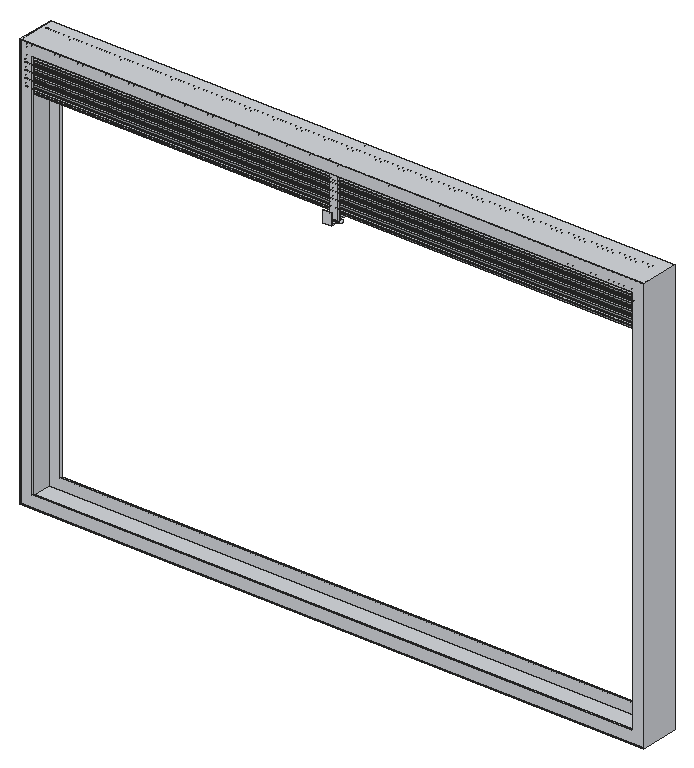
Revit family "FD-ASL", category Mechanical Equipment, Revit 2015
Parameters
  URL = "https://unitedenertech.com/catalog/pdf/A-13%20%20FD-ASL%20(-OW).pdf"
  Type Comments = "Max. Sizes are (1-1/2 Hour Vertical 120\"w x 120\"h) (1-1/2 Hour Horizontal 96\"w x 48\"h or 120\"w x 40\"h) (3 Hour Vertical or Horizontal 80\"w x 40\"h)"
  Model = "FD-ASL"
  Manufacturer = "United Enertech Corporation"
  Keynote = "Vertical Model Shown, Horizontal Models have Springs as shown on Model FDD-ASL."
  Exact Width = 3' - 0"
  EFL Height [instance] = Blade Pair Number * 0' 0 13/32" + 0' 0 41/64"  # 0' - 3 5/64"
  Description = "Slimline Curtain Fire Damper for use in Static Systems"
  Depth [instance] = 0' - 2 3/16"
  Damper Height = 2' - 0"
  Blade Width [instance] = Exact Width - 0' 0 1/8"  # 2' - 11 7/8"
  Blade Pair Number [instance] = (Damper Height - 0' 0 9/128") / 0' 3 7/8"  # 6
Reference planes (in)
  plane 1 "Center (Front/Back)": y = 0
  plane 2: z = 0
  plane 3 "Center (Left/Right)": x = 0
  plane 4: x = -18
  plane 5: x = 18
  plane 6: z = 24
  plane 7: x = -17.9641
  plane 8: x = 17.9641
  plane 9: z = 0.0359
  plane 10: z = 23.9641
  plane 11: y = 1.09375
  plane 12: y = -1.09375
  plane 13: y = -0.96875
  plane 14: y = 0.96875
  plane 15: z = 0.6609
  plane 16: x = -17.3391
  plane 17: x = 17.3391
  plane 18: z = 23.3391
  plane 19: x = -0.25
  plane 20: x = 0.25
  plane 21: z = 20.88598
  plane 22: z = 20.92188
Forms (in)
  Extrusion 1, solid
    sketch origin (0, 0, 0) x (1, 0, 0) y (0, 0, 1)
      loop
        line (-17.9641, 23.9641) -> (-17.9641, 0.0359) -> (17.9641, 0.0359) -> (17.9641, 23.9641) -> (-17.9641, 23.9641)
      loop
        line (-18, 24) -> (-18, 0) -> (18, 0) -> (18, 24) -> (-18, 24)
    from -1.09375 to 1.09375
  Extrusion 2, solid
    sketch origin (0, 0, 0) x (1, 0, 0) y (0, 0, 1)
      loop
        line (-17.3391, 23.3391) -> (-17.3391, 0.6609) -> (17.3391, 0.6609) -> (17.3391, 23.3391) -> (-17.3391, 23.3391)
      loop
        line (-17.9641, 23.9641) -> (-17.9641, 0.0359) -> (17.9641, 0.0359) -> (17.9641, 23.9641) -> (-17.9641, 23.9641)
    from 0.96875 to 1.09375
  Extrusion 3, solid
    sketch origin (0, 0, 0) x (1, 0, 0) y (0, 0, 1)
      loop
        line (-17.3391, 23.3391) -> (-17.3391, 0.6609) -> (17.3391, 0.6609) -> (17.3391, 23.3391) -> (-17.3391, 23.3391)
      loop
        line (-17.9641, 23.9641) -> (-17.9641, 0.0359) -> (17.9641, 0.0359) -> (17.9641, 23.9641) -> (-17.9641, 23.9641)
    from -1.09375 to -0.96875
  Extrusion 4, solid
    sketch origin (0, 0, 0) x (0, 1, 0) y (0, 0, 1)
      loop
        line (0.96875, 23.9641) -> (0.93285, 23.9641) -> (0.93285, 20.88598) -> (1.43285, 20.88598) -> (1.43285, 21.55473) -> (1.39695, 21.55473) -> (1.39695, 20.92188) -> (0.96875, 20.92188) -> (0.96875, 23.9641)
    from -0.25 to 0.25
  Extrusion 5, solid
    sketch origin (0, 0, 0) x (0, -1, 0) y (0, 0, -1)
      loop
        line (0.96875, -23.9641) -> (0.96875, -20.92188) -> (1.39695, -20.92188) -> (1.39695, -21.55473) -> (1.43285, -21.55473) -> (1.43285, -20.88598) -> (0.93285, -20.88598) -> (0.93285, -23.9641) -> (0.96875, -23.9641)
    from -0.25 to 0.25
Dimensions and locks (in)
  equal spacing: plane 4, plane 3 "Center (Left/Right)", plane 5
  "Exact Width": plane 4 to plane 5
  "Damper Height": plane 6 to level
  locked: plane 7 to plane 4 at 0.0359
  locked: plane 5 to plane 8 at 0.0359
  locked: plane 6 to plane 10 at 0.0359
  locked: plane 9 to level at 0.0359
  locked: plane 11 to plane 12 at 2.1875
  locked: plane 13 to plane 12 at 0.125
  locked: plane 11 to plane 14 at 0.125
  locked: plane 16 to plane 7 at 0.625
  locked: plane 8 to plane 17 at 0.625
  locked: plane 15 to plane 9 at 0.625
  locked: plane 10 to plane 18 at 0.625
  equal spacing: group 1, group 2, group 3, group 4, group 5, group 6  (x2)
  equal spacing: group 6, group 5, group 4, group 3, group 2, group 1
  locked: nested 1 to nested 2 at 0.40625
  "EFL Height": plane 10 to plane 21
  locked: plane 22 to plane 21 at 0.0359
  equal spacing: plane 11, plane 1 "Center (Front/Back)", plane 12
  "Depth": plane 11 to plane 12
  aligned and locked: level to plane 2
  aligned and locked: level to Extrusion 1 sketch curve
  aligned and locked: Extrusion 1 sketch curve to plane 4
  aligned and locked: Extrusion 1 sketch curve to plane 5
  aligned and locked: Extrusion 1 sketch curve to plane 6
  aligned and locked: Extrusion 1 sketch curve to plane 10
  aligned and locked: plane 8 to Extrusion 1 sketch curve
  aligned and locked: plane 9 to Extrusion 1 sketch curve
  aligned and locked: plane 7 to Extrusion 1 sketch curve
  aligned and locked: plane 9 to Extrusion 2 sketch curve
  aligned and locked: plane 7 to Extrusion 2 sketch curve
  aligned and locked: plane 8 to Extrusion 2 sketch curve
  aligned and locked: Extrusion 2 sketch curve to plane 10
  aligned and locked: Extrusion 2 sketch curve to plane 18
  aligned and locked: Extrusion 2 sketch curve to plane 17
  aligned and locked: plane 15 to Extrusion 2 sketch curve
  aligned and locked: Extrusion 2 sketch curve to plane 16
  aligned and locked: plane 11 to Extrusion 3
  aligned and locked: Extrusion 3 to plane 14
  aligned and locked: plane 13 to Extrusion 2
  aligned and locked: Extrusion 2 to plane 12
  aligned and locked: plane 3 "Center (Left/Right)" to nested 1
  aligned and locked: plane 10 to nested 1
  aligned and locked: plane 19 to Extrusion 5
  aligned and locked: plane 19 to Extrusion 4
  aligned and locked: plane 20 to Extrusion 5
  aligned and locked: plane 20 to Extrusion 4
  aligned and locked: Extrusion 5 sketch curve to plane 21
  aligned and locked: plane 21 to Extrusion 4 sketch curve
  aligned and locked: plane 22 to Extrusion 4 sketch curve
  aligned and locked: Extrusion 5 sketch curve to plane 22
  aligned and locked: nested 4 to plane 22
  aligned and locked: Extrusion 1 to plane 12
  aligned and locked: plane 11 to Extrusion 1
Automatic sketch dimensions
  Extrusion 3 sketch curve to plane 7 = 0' - 0"
  Extrusion 3 sketch curve to plane 15 = 0' - 0"
  plane 16 to Extrusion 3 sketch curve = 0' - 0"
  Extrusion 3 sketch curve to plane 17 = 0' - 0"
  plane 8 to Extrusion 3 sketch curve = 0' - 0"
  Extrusion 3 sketch curve to plane 9 = 0' - 0"
  Extrusion 3 sketch curve to plane 18 = 0' - 0"
  Extrusion 3 sketch curve to plane 10 = 0' - 0"
  Extrusion 4 sketch curve to plane 10 = 0' - 0"
  Extrusion 4 sketch curve to plane 14 = 0' - 0"
  Extrusion 4 sketch curve to plane 14 = 0' - 0.0359"
  plane 11 to Extrusion 4 sketch curve = 0' - 0.3032"
  Extrusion 4 sketch curve to Extrusion 4 sketch curve = 0' - 0.0359"
  plane 22 to Extrusion 4 sketch curve = 0' - 0.63285"
  Extrusion 5 sketch curve to plane 10 = 0' - 0"
  Extrusion 5 sketch curve to plane 13 = 0' - 0"
  Extrusion 5 sketch curve to plane 13 = 0' - 0.0359"
  plane 12 to Extrusion 5 sketch curve = 0' - 0.3032"
  Extrusion 5 sketch curve to Extrusion 5 sketch curve = 0' - 0.0359"
  Extrusion 5 sketch curve to plane 22 = 0' - 0.63285"
Nested families (in)
  nested 1: "FD-SALB BLADESEDITED" at (0, 1.17008, 23.12138), type "FD-SALB BLADESEDITED"
    with Blade Width 2' - 11 7/8"
  nested 2: "FD-SALB BLADESEDITED" at (0, 1.17008, 22.71513), type "FD-SALB BLADESEDITED"
    with Blade Width 2' - 11 7/8"
  nested 3: "FD-SALB BLADESEDITED" at (0, 1.17008, 22.30888), type "FD-SALB BLADESEDITED"
    with Blade Width 2' - 11 7/8"
  nested 4: "EFL" at (4.62017, 3.54736, 20.92188), type "EFL"
  nested 5: "FD-SALB BLADESEDITED" at (0, 1.17008, 21.90263), type "FD-SALB BLADESEDITED"
    with Blade Width 2' - 11 7/8"
  nested 6: "FD-SALB BLADESEDITED" at (0, 1.17008, 21.49638), type "FD-SALB BLADESEDITED"
    with Blade Width 2' - 11 7/8"
  nested 7: "FD-SALB BLADESEDITED" at (0, 1.17008, 21.09013), type "FD-SALB BLADESEDITED"
    with Blade Width 2' - 11 7/8"
Definition of nested family "FD-SALB BLADESEDITED"
  Parameters (values of type "FD-SALB BLADESEDITED")
    Blade Width = 1' - 11 7/8"
  Reference planes (in)
    plane 1 "Center (Front/Back)": y = 0
    plane 2: z = 0
    plane 3 "Center (Left/Right)": x = 0
    plane 4: x = -11.9375
    plane 5: x = 11.9375
  Forms (in)
    Extrusion 1, solid
      sketch origin (0, 0, 0) x (0, 1, 0) y (0, 0, 1)
        loop
          line (-0.31672, 0.53073) -> (-0.3446, 0.62657)
          arc (-0.3446, 0.62657) -> (-0.33726, 0.6415) -> (-0.32269, 0.63348) r 0.0115
          line (-0.32269, 0.63348) -> (-0.30545, 0.53536)
          arc (-0.30545, 0.53536) -> (-0.31611, 0.49773) -> (-0.35217, 0.48264) r 0.045
          line (-0.35217, 0.48264) -> (-0.39872, 0.48554)
          arc (-0.39872, 0.48554) -> (-0.42675, 0.49692) -> (-0.44125, 0.52348) r 0.045
          line (-0.44125, 0.52348) -> (-0.47071, 0.66865)
          arc (-0.47071, 0.66865) -> (-0.48965, 0.70349) -> (-0.5262, 0.7189) r 0.06
          line (-0.5262, 0.7189) -> (-1.55698, 0.78305) -> (-1.76244, 0.79584)
          arc (-1.76244, 0.79584) -> (-1.79846, 0.78683) -> (-1.82228, 0.75836) r 0.06
          line (-1.82228, 0.75836) -> (-1.88016, 0.61423)
          arc (-1.88016, 0.61423) -> (-1.90974, 0.57877) -> (-1.95445, 0.56733) r 0.075
          arc (-1.95445, 0.56733) -> (-2.03902, 0.60869) -> (-2.06957, 0.69773) r 0.123
          line (-2.06957, 0.69773) -> (-2.06418, 0.78456)
          arc (-2.06418, 0.78456) -> (-2.05371, 0.80551) -> (-2.03138, 0.81256) r 0.03
          line (-2.03138, 0.81256) -> (-1.90763, 0.80489) -> (-1.90763, 0.8362) -> (-2.01284, 0.84272) -> (-2.04641, 0.84272)
          arc (-2.04641, 0.84272) -> (-2.08042, 0.82292) -> (-2.09536, 0.7865) r 0.06125
          line (-2.09536, 0.7865) -> (-2.10077, 0.69966)
          arc (-2.10077, 0.69966) -> (-2.06244, 0.58801) -> (-1.95639, 0.53614) r 0.15425
          arc (-1.95639, 0.53614) -> (-1.89306, 0.55235) -> (-1.8512, 0.60257) r 0.10625
          line (-1.8512, 0.60257) -> (-1.7933, 0.74674)
          arc (-1.7933, 0.74674) -> (-1.78183, 0.76038) -> (-1.76452, 0.76466) r 0.02875
          line (-1.76452, 0.76466) -> (-1.55892, 0.75186) -> (-0.52813, 0.68773)
          arc (-0.52813, 0.68773) -> (-0.51045, 0.68016) -> (-0.50148, 0.66314) r 0.02875
          line (-0.50148, 0.66314) -> (-0.47199, 0.51784)
          arc (-0.47199, 0.51784) -> (-0.4474, 0.47346) -> (-0.4004, 0.45434) r 0.07625
          line (-0.4004, 0.45434) -> (-0.35398, 0.45144)
          arc (-0.35398, 0.45144) -> (-0.29278, 0.47694) -> (-0.27468, 0.54073) r 0.07625
          line (-0.27468, 0.54073) -> (-0.29191, 0.63889)
          arc (-0.29191, 0.63889) -> (-0.33988, 0.67434) -> (-0.37768, 0.6282) r 0.04327
          line (-0.37768, 0.6282) -> (-0.34677, 0.52199) -> (-0.31672, 0.53073)
      from -11.9375 to 11.9375
    Extrusion 2, solid
      sketch origin (0, 0, 0) x (0, 1, 0) y (0, 0, 1)
        loop
          arc (-0.31635, 0.67497) -> (-0.29361, 0.66856) -> (-0.28256, 0.64768) r 0.03
          line (-0.28256, 0.64768) -> (-0.2714, 0.56286)
          arc (-0.2714, 0.56286) -> (-0.29582, 0.47194) -> (-0.37737, 0.42491) r 0.123
          arc (-0.37737, 0.42491) -> (-0.42275, 0.43328) -> (-0.45469, 0.46664) r 0.075
          line (-0.45469, 0.46664) -> (-0.52225, 0.60648)
          arc (-0.52225, 0.60648) -> (-0.54755, 0.63305) -> (-0.58358, 0.63992) r 0.06
          line (-0.58358, 0.63992) -> (-0.78858, 0.61304) -> (-1.81262, 0.47877)
          arc (-1.81262, 0.47877) -> (-1.84723, 0.46173) -> (-1.86432, 0.42714) r 0.06
          line (-1.86432, 0.42714) -> (-1.88437, 0.27537)
          arc (-1.88437, 0.27537) -> (-1.89734, 0.2499) -> (-1.92301, 0.23735) r 0.045
          line (-1.92301, 0.23735) -> (-1.96868, 0.2314)
          arc (-1.96868, 0.2314) -> (-2.00696, 0.24361) -> (-2.02023, 0.28153) r 0.045
          line (-2.02023, 0.28153) -> (-2.00995, 0.379)
          arc (-2.00995, 0.379) -> (-1.99657, 0.38882) -> (-1.98728, 0.37505) r 0.0115
          line (-1.98728, 0.37505) -> (-2.00879, 0.27676) -> (-1.97772, 0.26996) -> (-1.95543, 0.37179)
          arc (-1.95543, 0.37179) -> (-1.99381, 0.41919) -> (-2.04121, 0.38081) r 0.04313
          line (-2.04121, 0.38081) -> (-2.05127, 0.28509)
          arc (-2.05127, 0.28509) -> (-2.02877, 0.22122) -> (-1.96431, 0.20045) r 0.07625
          line (-1.96431, 0.20045) -> (-1.91897, 0.20638)
          arc (-1.91897, 0.20638) -> (-1.87533, 0.22771) -> (-1.85342, 0.27106) r 0.07625
          line (-1.85342, 0.27106) -> (-1.83333, 0.42305)
          arc (-1.83333, 0.42305) -> (-1.82514, 0.43962) -> (-1.80853, 0.44779) r 0.02875
          line (-1.80853, 0.44779) -> (-0.78452, 0.58205) -> (-0.57967, 0.60892)
          arc (-0.57967, 0.60892) -> (-0.56246, 0.60559) -> (-0.55039, 0.5929) r 0.02875
          line (-0.55039, 0.5929) -> (-0.48278, 0.45303)
          arc (-0.48278, 0.45303) -> (-0.4376, 0.40578) -> (-0.37331, 0.39393) r 0.10625
          arc (-0.37331, 0.39393) -> (-0.27103, 0.4529) -> (-0.24041, 0.56695) r 0.15425
          line (-0.24041, 0.56695) -> (-0.2515, 0.65113)
          arc (-0.2515, 0.65113) -> (-0.27433, 0.69316) -> (-0.32041, 0.70596) r 0.06125
          line (-0.32041, 0.70596) -> (-0.44437, 0.68971) -> (-0.44031, 0.65872) -> (-0.31635, 0.67497)
      from -11.9375 to 11.9375
  Dimensions and locks (in)
    equal spacing: plane 4, plane 3 "Center (Left/Right)", plane 5
    "Blade Width": plane 4 to plane 5
    aligned and locked: level to plane 2
    aligned and locked: plane 4 to Extrusion 1
    aligned and locked: plane 4 to Extrusion 2
    aligned and locked: plane 5 to Extrusion 1
    aligned and locked: plane 5 to Extrusion 2
  Automatic sketch dimensions
    Extrusion 2 sketch curve to Extrusion 2 sketch curve = 0' - 0"  (x35)
    level to Extrusion 2 sketch curve = 0' - 0.28509"
    plane 1 "Center (Front/Back)" to Extrusion 2 sketch curve = 0' - 2.05127"
    level to Extrusion 2 sketch curve = 0' - 0.38081"
    Extrusion 2 sketch curve to Extrusion 2 sketch curve = 0' - 0.01006"
    level to Extrusion 2 sketch curve = 0' - 0.28153"
    Extrusion 2 sketch curve to Extrusion 2 sketch curve = 0' - 0.03105"
    level to Extrusion 2 sketch curve = 0' - 0.27676"
    Extrusion 2 sketch curve to Extrusion 2 sketch curve = 0' - 0.01143"  (x2)
    Extrusion 2 sketch curve to Extrusion 2 sketch curve = 0' - 0.04266"
    Extrusion 2 sketch curve to Extrusion 2 sketch curve = 0' - 0.00023"
    level to Extrusion 2 sketch curve = 0' - 0.26996"
    Extrusion 2 sketch curve to Extrusion 2 sketch curve = 0' - 0.03107"
    Extrusion 2 sketch curve to Extrusion 2 sketch curve = 0' - 0.00213"
    level to Extrusion 2 sketch curve = 0' - 0.2314"
    Extrusion 2 sketch curve to Extrusion 2 sketch curve = 0' - 0.00904"
    level to Extrusion 2 sketch curve = 0' - 0.20045"
    level to Extrusion 2 sketch curve = 0' - 0.37179"
    Extrusion 2 sketch curve to Extrusion 2 sketch curve = 0' - 0.0467"
    level to Extrusion 2 sketch curve = 0' - 0.27537"
    Extrusion 2 sketch curve to Extrusion 2 sketch curve = 0' - 0.04451"
    level to Extrusion 2 sketch curve = 0' - 0.27106"
    Extrusion 2 sketch curve to Extrusion 2 sketch curve = 0' - 0.03095"
    Extrusion 2 sketch curve to Extrusion 2 sketch curve = 0' - 0.0486"
    plane 1 "Center (Front/Back)" to Extrusion 2 sketch curve = 0' - 0.78452"
    Extrusion 2 sketch curve to Extrusion 2 sketch curve = 0' - 0.20094"
    Extrusion 2 sketch curve to Extrusion 2 sketch curve = 0' - 0 1/256"  (x2)
    Extrusion 2 sketch curve to Extrusion 2 sketch curve = 0' - 0.0034"
    Extrusion 2 sketch curve to Extrusion 2 sketch curve = 0' - 0.13921"
    Extrusion 2 sketch curve to Extrusion 2 sketch curve = 0' - 0.00406"  (x3)
    Extrusion 2 sketch curve to Extrusion 2 sketch curve = 0' - 0.04695"
    Extrusion 2 sketch curve to Extrusion 2 sketch curve = 0' - 0.00624"
    Extrusion 2 sketch curve to Extrusion 2 sketch curve = 0' - 0.0809"
    Extrusion 2 sketch curve to Extrusion 2 sketch curve = 0' - 0.0299"
    Extrusion 2 sketch curve to Extrusion 2 sketch curve = 0' - 0.03106"
    Extrusion 2 sketch curve to Extrusion 2 sketch curve = 0' - 0.00661"
    Extrusion 2 sketch curve to Extrusion 2 sketch curve = 0' - 0.00119"
    Extrusion 2 sketch curve to Extrusion 2 sketch curve = 0' - 0.14822"
    level to Extrusion 2 sketch curve = 0' - 0.49927"
    Extrusion 2 sketch curve to Extrusion 2 sketch curve = 0' - 0.04759"
    Extrusion 2 sketch curve to Extrusion 2 sketch curve = 0' - 0.0335"
    Extrusion 2 sketch curve to Extrusion 2 sketch curve = 0' - 0.00168"
    Extrusion 2 sketch curve to Extrusion 2 sketch curve = 0' - 0.02855"
    Extrusion 2 sketch curve to Extrusion 2 sketch curve = 0' - 0.031"
    Extrusion 2 sketch curve to Extrusion 2 sketch curve = 0' - 0.09835"
    Extrusion 2 sketch curve to Extrusion 2 sketch curve = 0' - 0.00246"
    Extrusion 2 sketch curve to Extrusion 2 sketch curve = 0' - 0.00345"
    Extrusion 2 sketch curve to Extrusion 2 sketch curve = 0' - 0.11186"
    Extrusion 2 sketch curve to Extrusion 2 sketch curve = 0' - 0.03098"  (x3)
    level to Extrusion 2 sketch curve = 0' - 0.37898"
    Extrusion 2 sketch curve to Extrusion 2 sketch curve = 0' - 0.00003"  (x4)
    Extrusion 2 sketch curve to Extrusion 2 sketch curve = 0' - 0.01101"
    level to Extrusion 2 sketch curve = 0' - 0.37505"
    Extrusion 2 sketch curve to Extrusion 2 sketch curve = 0' - 0.00585"
    level to Extrusion 2 sketch curve = 0' - 0.23735"
    Extrusion 2 sketch curve to Extrusion 2 sketch curve = 0' - 0.00404"
    level to Extrusion 2 sketch curve = 0' - 0.20636"
    level to Extrusion 2 sketch curve = 0' - 0.42714"
    Extrusion 2 sketch curve to Extrusion 2 sketch curve = 0' - 0.0595"
    level to Extrusion 2 sketch curve = 0' - 0.42305"
    Extrusion 2 sketch curve to Extrusion 2 sketch curve = 0' - 0.02852"
    Extrusion 2 sketch curve to Extrusion 2 sketch curve = 0' - 0.0207"
    level to Extrusion 2 sketch curve = 0' - 0.47878"
    Extrusion 2 sketch curve to Extrusion 2 sketch curve = 0' - 0.00374"
    level to Extrusion 2 sketch curve = 0' - 0.44779"
    Extrusion 2 sketch curve to Extrusion 2 sketch curve = 0' - 0.02588"
    Extrusion 2 sketch curve to Extrusion 2 sketch curve = 0' - 0.02814"
    Extrusion 2 sketch curve to Extrusion 2 sketch curve = 0' - 0.0957"
    Extrusion 2 sketch curve to Extrusion 2 sketch curve = 0' - 0.00004"  (x2)
    Extrusion 2 sketch curve to Extrusion 2 sketch curve = 0' - 0.02809"
    Extrusion 2 sketch curve to Extrusion 2 sketch curve = 0' - 0.00975"
    Extrusion 2 sketch curve to Extrusion 2 sketch curve = 0' - 0.00796"
    Extrusion 2 sketch curve to Extrusion 2 sketch curve = 0' - 0.01116"
    Extrusion 2 sketch curve to Extrusion 2 sketch curve = 0' - 0.00002"
    Extrusion 1 sketch curve to Extrusion 1 sketch curve = 0' - 0"  (x30)
    level to Extrusion 1 sketch curve = 0' - 0.7827"
    plane 1 "Center (Front/Back)" to Extrusion 1 sketch curve = 0' - 2.03423"
    Extrusion 1 sketch curve to Extrusion 1 sketch curve = 0' - 0.00284"
    Extrusion 1 sketch curve to Extrusion 1 sketch curve = 0' - 0.01854"
    Extrusion 1 sketch curve to Extrusion 1 sketch curve = 0' - 0.08443"
    Extrusion 1 sketch curve to Extrusion 1 sketch curve = 0' - 0.00298"
    Extrusion 1 sketch curve to Extrusion 1 sketch curve = 0' - 0.03918"
    Extrusion 1 sketch curve to Extrusion 1 sketch curve = 0' - 0.14102"
    level to Extrusion 1 sketch curve = 0' - 0.76466"
    Extrusion 1 sketch curve to Extrusion 1 sketch curve = 0' - 0.00209"
    level to Extrusion 1 sketch curve = 0' - 0.79584"
    Extrusion 1 sketch curve to Extrusion 1 sketch curve = 0' - 0.00208"  (x2)
    level to Extrusion 1 sketch curve = 0' - 0.75186"
    Extrusion 1 sketch curve to Extrusion 1 sketch curve = 0' - 0.2056"
    Extrusion 1 sketch curve to Extrusion 1 sketch curve = 0' - 0.00194"  (x2)
    plane 1 "Center (Front/Back)" to Extrusion 1 sketch curve = 0' - 0.52993"
    Extrusion 1 sketch curve to Extrusion 1 sketch curve = 0' - 0.02845"
    Extrusion 1 sketch curve to Extrusion 1 sketch curve = 0' - 0.02949"
    Extrusion 1 sketch curve to Extrusion 1 sketch curve = 0' - 0.03077"  (x2)
    Extrusion 1 sketch curve to Extrusion 1 sketch curve = 0' - 0.03074"
    Extrusion 1 sketch curve to Extrusion 1 sketch curve = 0' - 0.04085"
    Extrusion 1 sketch curve to Extrusion 1 sketch curve = 0' - 0.00168"
    Extrusion 1 sketch curve to Extrusion 1 sketch curve = 0' - 0.04445"
    Extrusion 1 sketch curve to Extrusion 1 sketch curve = 0' - 0.01912"
    Extrusion 1 sketch curve to Extrusion 1 sketch curve = 0' - 0.04641"
    Extrusion 1 sketch curve to Extrusion 1 sketch curve = 0' - 0.00182"
    Extrusion 1 sketch curve to Extrusion 1 sketch curve = 0' - 0.00238"
    Extrusion 1 sketch curve to Extrusion 1 sketch curve = 0' - 0.00302"
    Extrusion 1 sketch curve to Extrusion 1 sketch curve = 0' - 0.03307"
    Extrusion 1 sketch curve to Extrusion 1 sketch curve = 0' - 0.01008"
    Extrusion 1 sketch curve to Extrusion 1 sketch curve = 0' - 0.00072"
    Extrusion 1 sketch curve to Extrusion 1 sketch curve = 0' - 0.01112"
    Extrusion 1 sketch curve to Extrusion 1 sketch curve = 0' - 0.03006"
    Extrusion 1 sketch curve to Extrusion 1 sketch curve = 0' - 0.03078"
    Extrusion 1 sketch curve to Extrusion 1 sketch curve = 0' - 0.02867"
    Extrusion 1 sketch curve to Extrusion 1 sketch curve = 0' - 0.09261"
    level to Extrusion 1 sketch curve = 0' - 0.66865"
    Extrusion 1 sketch curve to Extrusion 1 sketch curve = 0' - 0.00551"
    Extrusion 1 sketch curve to Extrusion 1 sketch curve = 0' - 0.00412"
    Extrusion 1 sketch curve to Extrusion 1 sketch curve = 0' - 0.04791"
    Extrusion 1 sketch curve to Extrusion 1 sketch curve = 0' - 0.02976"
    Extrusion 1 sketch curve to Extrusion 1 sketch curve = 0' - 0.00541"
    Extrusion 1 sketch curve to Extrusion 1 sketch curve = 0' - 0.00087"
    Extrusion 1 sketch curve to Extrusion 1 sketch curve = 0' - 0.00852"
    Extrusion 1 sketch curve to Extrusion 1 sketch curve = 0' - 0.00559"
    Extrusion 1 sketch curve to Extrusion 1 sketch curve = 0' - 0.00702"
    Extrusion 1 sketch curve to Extrusion 1 sketch curve = 0' - 0.00564"
    Extrusion 1 sketch curve to Extrusion 1 sketch curve = 0' - 0.03935"
    Extrusion 1 sketch curve to Extrusion 1 sketch curve = 0' - 0.0312"
    Extrusion 1 sketch curve to Extrusion 1 sketch curve = 0' - 0.03119"
    Extrusion 1 sketch curve to Extrusion 1 sketch curve = 0' - 0.1148"
    Extrusion 1 sketch curve to Extrusion 1 sketch curve = 0' - 0.03131"
    Extrusion 1 sketch curve to Extrusion 1 sketch curve = 0' - 0.02994"
    level to Extrusion 1 sketch curve = 0' - 0.78456"
    Extrusion 1 sketch curve to Extrusion 1 sketch curve = 0' - 0.00539"
    level to Extrusion 1 sketch curve = 0' - 0.69772"
    Extrusion 1 sketch curve to Extrusion 1 sketch curve = 0' - 0.03117"
    Extrusion 1 sketch curve to Extrusion 1 sketch curve = 0' - 0.03118"
    level to Extrusion 1 sketch curve = 0' - 0.69966"
    Extrusion 1 sketch curve to Extrusion 1 sketch curve = 0' - 0.03357"
    Extrusion 1 sketch curve to Extrusion 1 sketch curve = 0' - 0.0066"
    Extrusion 1 sketch curve to Extrusion 1 sketch curve = 0' - 0.06959"
    level to Extrusion 1 sketch curve = 0' - 0.61423"
    Extrusion 1 sketch curve to Extrusion 1 sketch curve = 0' - 0.00004"  (x2)
    Extrusion 1 sketch curve to Extrusion 1 sketch curve = 0' - 0.02896"
    level to Extrusion 1 sketch curve = 0' - 0.60259"
    level to Extrusion 1 sketch curve = 0' - 0.75838"
    Extrusion 1 sketch curve to Extrusion 1 sketch curve = 0' - 0.05778"
    level to Extrusion 1 sketch curve = 0' - 0.74674"
    Extrusion 1 sketch curve to Extrusion 1 sketch curve = 0' - 0.02669"
    Extrusion 1 sketch curve to Extrusion 1 sketch curve = 0' - 0.00179"
    Extrusion 1 sketch curve to Extrusion 1 sketch curve = 0' - 0.00193"
    Extrusion 1 sketch curve to Extrusion 1 sketch curve = 0' - 0.01125"
    Extrusion 1 sketch curve to Extrusion 1 sketch curve = 0' - 0.00003"
    Extrusion 1 sketch curve to Extrusion 1 sketch curve = 0' - 0.05622"
    Extrusion 1 sketch curve to Extrusion 1 sketch curve = 0' - 0.03016"
Definition of nested family "EFL"
  Reference planes (in)
    plane 1 "Center (Front/Back)": y = 0
    plane 2: z = 0
    plane 3 "Center (Left/Right)": x = 0
  Forms (in)
    Extrusion 1, solid
      sketch origin (0, 0, 0) x (1, 0, 0) y (0, 1, 0)
        loop
          arc (-4.87017, -4.05324) -> (-4.81525, -4.18582) -> (-4.68267, -4.24074) r 0.1875
          line (-4.68267, -4.24074) -> (-4.55767, -4.24074)
          arc (-4.55767, -4.24074) -> (-4.42508, -4.18582) -> (-4.37017, -4.05324) r 0.1875
          line (-4.37017, -4.05324) -> (-4.37017, -3.41574) -> (-4.87017, -3.41574) -> (-4.87017, -4.05324)
        loop
          circle (-4.62017, -4.05324) r 0.0625
      from 0.1 to 0.05
    Extrusion 2, solid
      sketch origin (-9.24033, -7.08147, 0) x (-1, 0, 0) y (0, -1, 0)
        loop
          arc (-4.87017, -4.05324) -> (-4.81525, -4.18582) -> (-4.68267, -4.24074) r 0.1875
          line (-4.68267, -4.24074) -> (-4.55767, -4.24074)
          arc (-4.55767, -4.24074) -> (-4.42508, -4.18582) -> (-4.37017, -4.05324) r 0.1875
          line (-4.37017, -4.05324) -> (-4.37017, -3.41574) -> (-4.87017, -3.41574) -> (-4.87017, -4.05324)
        loop
          circle (-4.62017, -4.05324) r 0.0625
      from 0 to 0.05
    Sweep 3, solid
      path in 3D
        loop
          line (-4.62017, -4.16421, 0) -> (-4.62017, -4.22608, 0)
          arc (-4.62017, -4.22608, 0) -> (-4.65678, -4.31447, 0) -> (-4.74517, -4.35108, 0) r 0.125
          line (-4.74517, -4.35108, 0) -> (-4.92568, -4.35108, 0)
          arc (-4.92568, -4.35108, 0) -> (-5.02859, -4.454, 0) -> (-4.92568, -4.55691, 0) r 0.10291
          line (-4.92568, -4.55691, 0) -> (-4.62017, -4.55691, 0) -> (-4.31465, -4.55691, 0)
          arc (-4.31465, -4.55691, 0) -> (-4.21174, -4.454, 0) -> (-4.31465, -4.35108, 0) r 0.10291
          line (-4.31465, -4.35108, 0) -> (-4.58427, -4.35108, 0)
      profile origin (-4.62017, -4.19515, 0) x (1, 0, 0) y (0, 0, 1)
        loop
          circle (0, 0) r 0.03202
    Sweep 4, solid
      path in 3D
        loop
          line (-4.62017, -4.283, 0.1526) -> (-4.62017, -4.12297, 0.1526)
          arc (-4.62017, -4.12297, 0.1526) -> (-4.62017, -4.04635, 0.07598) -> (-4.62017, -4.12297, -0.00063) r 0.07662
          line (-4.62017, -4.12297, -0.00063) -> (-4.62017, -4.16421, -0.00063)
      profile origin (-4.62017, -4.14359, -0.00063) x (0, 0, -1) y (1, 0, 0)
        loop
          circle (0, 0) r 0.03138
    Sweep 5, solid
      path in 3D
        loop
          line (-4.62017, -2.91726, 0) -> (-4.62017, -2.85539, 0)
          arc (-4.62017, -2.85539, 0) -> (-4.65678, -2.767, 0) -> (-4.74517, -2.73039, 0) r 0.125
          line (-4.74517, -2.73039, 0) -> (-4.92568, -2.73039, 0)
          arc (-4.92568, -2.73039, 0) -> (-5.02859, -2.62747, 0) -> (-4.92568, -2.52456, 0) r 0.10291
          line (-4.92568, -2.52456, 0) -> (-4.62017, -2.52456, 0) -> (-4.31465, -2.52456, 0)
          arc (-4.31465, -2.52456, 0) -> (-4.21174, -2.62747, 0) -> (-4.31465, -2.73039, 0) r 0.10291
          line (-4.31465, -2.73039, 0) -> (-4.58427, -2.73039, 0)
      profile origin (-4.62017, -2.88633, 0) x (-1, 0, 0) y (0, 0, 1)
        loop
          circle (0, 0) r 0.03202
    Sweep 6, solid
      path in 3D
        loop
          line (-4.62017, -2.79848, 0.1526) -> (-4.62017, -2.95851, 0.1526)
          arc (-4.62017, -2.95851, 0.1526) -> (-4.62017, -3.03512, 0.07598) -> (-4.62017, -2.95851, -0.00063) r 0.07662
          line (-4.62017, -2.95851, -0.00063) -> (-4.62017, -2.91726, -0.00063)
      profile origin (-4.62017, -2.93788, -0.00063) x (0, 0, 1) y (1, 0, 0)
        loop
          circle (0, 0) r 0.03138
  Lines and regions (in)
    sketch lines
      curve 1: line (-4.62017, -4.16421, 0) -> (-4.62017, -4.22608, 0)
      curve 2: arc (-4.74517, -4.35108, 0) -> (-4.65678, -4.31447, 0) -> (-4.62017, -4.22608, 0) r 0.125
      curve 3: line (-4.74517, -4.35108, 0) -> (-4.92568, -4.35108, 0)
      curve 4: arc (-4.92568, -4.35108, 0) -> (-5.02859, -4.454, 0) -> (-4.92568, -4.55691, 0) r 0.10291
      curve 5: line (-4.62017, -4.55691, 0) -> (-4.92568, -4.55691, 0)
      curve 6: line (-4.62017, -4.55691, 0) -> (-4.31465, -4.55691, 0)
      curve 7: arc (-4.31465, -4.55691, 0) -> (-4.21174, -4.454, 0) -> (-4.31465, -4.35108, 0) r 0.10291
      curve 8: line (-4.58427, -4.35108, 0) -> (-4.31465, -4.35108, 0)
      curve 9: line (-4.62017, -4.12297, -0.00063) -> (-4.62017, -4.16421, -0.00063)
      curve 10: arc (-4.62017, -4.12297, -0.00063) -> (-4.62017, -4.04635, 0.07598) -> (-4.62017, -4.12297, 0.1526) r 0.07662
      curve 11: line (-4.62017, -4.12297, 0.1526) -> (-4.62017, -4.283, 0.1526)
      curve 12: line (-4.62017, -2.91726, 0) -> (-4.62017, -2.85539, 0)
      curve 13: arc (-4.74517, -2.73039, 0) -> (-4.65678, -2.767, 0) -> (-4.62017, -2.85539, 0) r 0.125
      curve 14: line (-4.74517, -2.73039, 0) -> (-4.92568, -2.73039, 0)
      curve 15: arc (-4.92568, -2.73039, 0) -> (-5.02859, -2.62747, 0) -> (-4.92568, -2.52456, 0) r 0.10291
      curve 16: line (-4.62017, -2.52456, 0) -> (-4.92568, -2.52456, 0)
      curve 17: line (-4.62017, -2.52456, 0) -> (-4.31465, -2.52456, 0)
      curve 18: arc (-4.31465, -2.52456, 0) -> (-4.21174, -2.62747, 0) -> (-4.31465, -2.73039, 0) r 0.10291
      curve 19: line (-4.58427, -2.73039, 0) -> (-4.31465, -2.73039, 0)
      curve 20: line (-4.62017, -2.95851, -0.00063) -> (-4.62017, -2.91726, -0.00063)
      curve 21: arc (-4.62017, -2.95851, -0.00063) -> (-4.62017, -3.03512, 0.07598) -> (-4.62017, -2.95851, 0.1526) r 0.07662
      curve 22: line (-4.62017, -2.95851, 0.1526) -> (-4.62017, -2.79848, 0.1526)
  Dimensions and locks (in)
    aligned and locked: level to plane 2
